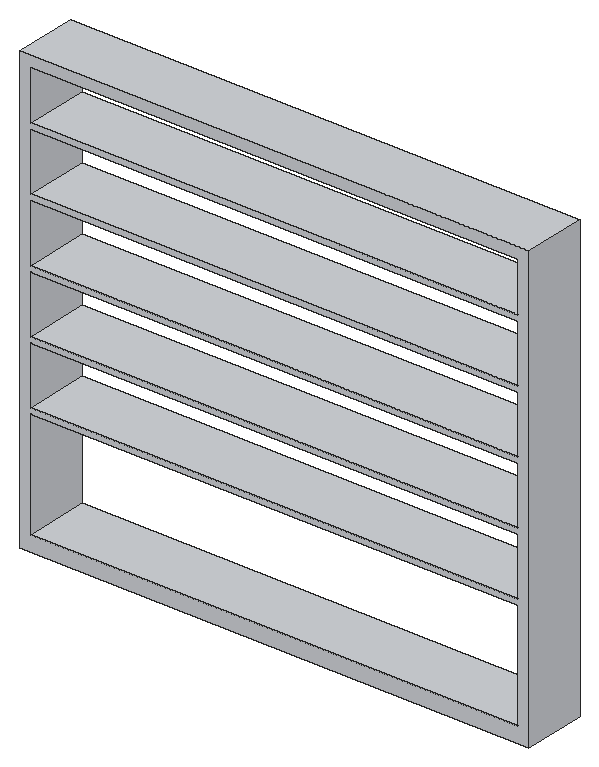
Revit family "FURN_Shelving", category Furniture, Revit 2024
Family settings
  Work Plane-Based = No
  Enable Cutting in Views = No
  Always vertical = Yes
  Cut with Voids When Loaded = No
  Render Appearance Source = Family Geometry
  Shared = No
  Room Calculation Point = No
Parameters (values of type "2400 x 300 x 2100")
  EA_Repath [instance] = 0 mm
  Default Elevation = 0 mm
  Assembly Code = "E2020200"
  Depth = 300 mm
  Height = 2100 mm
  Shelving Unit Material = none
  Width = 2400 mm
Reference planes
  plane 1: y = -304.8
  plane 2: z = 0
  plane 3: x = 0
  plane 4 "Back": y = -154.8
  plane 5 "Front": y = -454.8
  plane 6 "Right": x = 1200
  plane 7 "Left": x = -1200
  plane 8: z = 2100
  plane 9: x = -1149.2
  plane 10: x = 1149.2
  plane 11: x = -1200
  plane 12: x = 1200
  plane 13: z = 1500
  plane 14: z = 900
  plane 15: z = 300
  plane 16: z = 1800
  plane 17: z = 1200
  plane 18: z = 600
Forms (mm)
  Extrusion 1, solid, material <- "Shelving Unit Material"
    sketch origin (0, 0, 0) x (1, 0, 0) y (0, 0, 1)
      loop
        line (-1200, 0) -> (1200, 0) -> (1200, 2100) -> (-1200, 2100) -> (-1200, 0)
      loop
        line (-1149.2, 2049.2) -> (-1149.2, 1812.7) -> (1149.2, 1812.7) -> (1149.2, 2049.2) -> (-1149.2, 2049.2)
      loop
        line (-1149.2, 76.2) -> (1149.2, 76.2) -> (1149.2, 587.3) -> (-1149.2, 587.3) -> (-1149.2, 76.2)
      loop
        line (1149.2, 1212.7) -> (1149.2, 1487.3) -> (-1149.2, 1487.3) -> (-1149.2, 1212.7) -> (1149.2, 1212.7)
      loop
        line (-1149.2, 1787.3) -> (-1149.2, 1512.7) -> (1149.2, 1512.7) -> (1149.2, 1787.3) -> (-1149.2, 1787.3)
      loop
        line (-1149.2, 1187.3) -> (-1149.2, 912.7) -> (1149.2, 912.7) -> (1149.2, 1187.3) -> (-1149.2, 1187.3)
      loop
        line (-1149.2, 887.3) -> (-1149.2, 612.7) -> (1149.2, 612.7) -> (1149.2, 887.3) -> (-1149.2, 887.3)
    from 154.8 to 454.8
Lines and regions (mm)
  Masking region 1
    outline origin (0, 0, 0) x (1, 0, 0) y (0, 1, 0)
      loop
        line (-1200, -154.8) -> (-1200, -454.8) -> (1200, -454.8) -> (1200, -154.8) -> (-1200, -154.8)
Dimensions and locks
  locked: plane 11 to plane 9 at 50.8
  plane 8 to Extrusion 1 sketch curve = 50.8 mm
  Extrusion 1 sketch curve to plane 2 = 76.2 mm
  "Width": plane 7 "Left" to plane 6 "Right"
  equal spacing: plane 7 "Left", plane 3, plane 6 "Right"
  equal spacing: plane 4 "Back", plane 1, plane 5 "Front"
  "Depth": plane 4 "Back" to plane 5 "Front"
  "Height": plane 8 to plane 2
  equal spacing: plane 8, plane 16, plane 13, plane 17, plane 14, plane 18, plane 15, plane 2
  locked: Extrusion 1 sketch curve to plane 16 at 12.7
  locked: plane 16 to Extrusion 1 sketch curve at 12.7
  locked: Extrusion 1 sketch curve to plane 13 at 12.7
  locked: plane 13 to Extrusion 1 sketch curve at 12.7
  locked: Extrusion 1 sketch curve to plane 17 at 12.7
  locked: plane 17 to Extrusion 1 sketch curve at 12.7
  locked: Extrusion 1 sketch curve to plane 14 at 12.7
  locked: plane 14 to Extrusion 1 sketch curve at 12.7
  locked: Extrusion 1 sketch curve to plane 18 at 12.7
  locked: plane 18 to Extrusion 1 sketch curve at 12.7
  locked: plane 10 to plane 12 at 50.8
  aligned and locked: Extrusion 1 to plane 5 "Front"
  aligned and locked: Extrusion 1 sketch curve to plane 11
  aligned and locked: Extrusion 1 sketch curve to plane 12
  aligned and locked: plane 11 to plane 7 "Left"
  aligned and locked: plane 12 to plane 6 "Right"
  aligned and locked: plane 4 "Back" to Extrusion 1
  aligned and locked: plane 10 to Extrusion 1 sketch curve  (x4)
  aligned and locked: Extrusion 1 sketch curve to Extrusion 1 sketch curve
  aligned and locked: plane 7 "Left" to Masking region 1 sketch curve
  aligned and locked: Masking region 1 sketch curve to plane 6 "Right"
  aligned and locked: plane 5 "Front" to Masking region 1 sketch curve
  aligned and locked: Masking region 1 sketch curve to plane 4 "Back"
Automatic sketch dimensions
  Extrusion 1 sketch curve to plane 9 = 0 mm  (x5)
  Extrusion 1 sketch curve to plane 10 = 0 mm  (x2)
  Extrusion 1 sketch curve to level = 0 mm
  Extrusion 1 sketch curve to plane 8 = 0 mm
